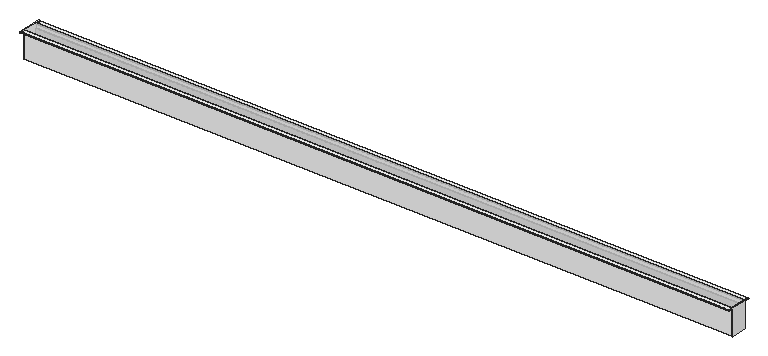
Revit family "2093129 Sylvania Lighting Fixture MC2 TRIM 2-4M 4K DALI WHT OPAL", category Lighting Fixtures, host Face, Revit 2016
Family settings
  Host = Face
  Part Type = Normal
  Round Connector Dimension = Use Diameter
  OmniClass Number = 23.80.70.11.17
  OmniClass Title = Specialized Lighting by Location or Use
  Cut with Voids When Loaded = No
  Light Source = Yes
  Shared = No
  Room Calculation Point = No
Parameters (values of type "2093129 MC2 TRIM 2.4M 4K DALI WHT OPAL")
  Width_SYL = 54.0 mm
  Weight = "5.6 kg"
  Wattage = 42 W
  WarrantyStartDate [instance] = "n/a"
  WarrantyGuarantorParts = "n/a"
  WarrantyDurationUnit = "n/a"
  WarrantyDurationParts = "n/a"
  WarrantyDescription = "n/a"
  built-in parameter 1150110 = 1 (stored number, unit not read)
  Voltage = 0 V
  URL = "http://www.sylvania-lighting.com"
  TypeName = "MC2 TRIM 2.4M 4K DALI WHT OPAL"
  built-in parameter 1114217 = 1 (stored number, unit not read)
  Tilt Angle = -90.00°
  built-in parameter 1150109 = 1 (stored number, unit not read)
  built-in parameter 1150134 = 12
  built-in parameter 1150113 = 1 (stored number, unit not read)
  SerialNumber [instance] = "n/a"
  PowerFactor = 0.98
  PowerConsumption = "42 W"
  NominalWidth = 0.0 mm
  NominalLength = 2400.0 mm
  NominalHeight = 86.0 mm
  Name = "MC2 TRIM 2.4M 4K DALI WHT OPAL"
  ModelReference = "MC2 TRIM 2.4M 4K DALI WHT OPAL"
  ModelNumber = "2093129"
  Material_3_SYL = Metal_Sylvania_Mini Contiuum II_Silver
  Photometric Web File = "2093129.ies"
  Material = "aluminium housing, polycarbonate diffuser"
  ManufacturerName = "Feilo Sylvania"
  LuminousEfficacy = "111 lm/W"
  LuminaireType = ""
  LightOutputRatio = "100"
  Length_SYL = 2400.0 mm
  LampsType = Lamp  # "LED"
  LampNominalLuminous = "4680 lm"
  LampMacAdamStep = "3"
  LampColourTemperature = "4000 K"
  LampColourRenderingIndex = "80"
  Keynote = "16500"
  InstallationDate [instance] = "n/a"
  InputVoltage = "n/a"
  InputNominalFrequency = "n/a"
  IngressProtection = "IP20"
  ImpactProtectionIndex = "n/a"
  IfcExportType = "IfcLightFixtureType"
  IfcExportAs = "IfcLightFixtureType"
  Height_SYL = 86.0 mm
  ExpectedLife = 50000
  EndCapRight_SYL [instance] = yes
  EndCapLeft_SYL [instance] = yes
  Emit from Rectangle Width = Width_SYL - 2.0 mm  # 52.0 mm
  Emit from Rectangle Length = Length_SYL  # 2400.0 mm
  Emit Shape Visible in Rendering = no
  ElectricShockClassification = "Class I"
  DurationUnit = "hours"
  DocumentationLiterature = "http://www.sylvania-lighting.com/product/en-int/products/2093129"
  DimmingControlOptions = "n/a"
  CreatedOn = "10/15/2018"
  CreatedBy = "@sylvania-lighting.com"
  built-in parameter 1114216 [instance] = 1 (stored number, unit not read)
  Model = "MC2 TRIM 2.4M 4K DALI WHT OPAL"
  Manufacturer = "Feilo Sylvania"  # constant formula
  built-in parameter 1150105 = 370.99 (stored number, unit not read)
  Lumens = 4662 lm
  built-in parameter 1150115 = 1 (stored number, unit not read)
  built-in parameter 1150137 = (empty or 0)
  built-in parameter 1150139 = (empty or 0)
  built-in parameter 1150112 = 1 (stored number, unit not read)
  built-in parameter 1150114 = 1 (stored number, unit not read)
  Lamp = "LED"
  built-in parameter 1150132 = 2
  built-in parameter 1150102 = (empty or 0)
  built-in parameter 1150107 = 4000 (stored number, unit not read)
  built-in parameter 1150138 = (empty or 0)
  built-in parameter 1150106 = 3.7099 (stored number, unit not read)
  Material_1_SYL = Metal_Sylvania_Mini Continuum II_White
  built-in parameter 1150104 = 10.312 (stored number, unit not read)
  Dimming Lamp Color Temperature Shift = <None>
  Material_2_SYL = Polycarbonate_Sylvania_Mini Continuum II_Opal_4000K
  Description = "Mini Continuum II introduces a uniquely clean, simple LED lighting system offering continuous, highly uniform lines of light across walls and ceilings. This highly versatile lighting tool can be recessed, semi-recessed, surface-mounted or suspended, either vertically or horizontally. Available as direct/indirect or direct only distribution - both of which can be interconnected. Every batten has a plug and socket arrangement for easy and rapid electrical installation. Mini Continuum II Direct is available in two versions: one with an outside trim detail for plasterboard ceilings; and a trimless version for when a seamless effect is required. Dimmable DALI versions and 3hr non-maintained integral emergency options are available as standard options"  # constant formula
  Default Elevation = 0.0 mm
  Color Filter = 16777215
  built-in parameter 1140040 [instance] = 1
  BarCode [instance] = "n/a"
  built-in parameter 1114218 = 1 (stored number, unit not read)
  built-in parameter 1150133 = 10 (stored number, unit not read)
  AssetType = "Fixed"
  AssetIdentifier [instance] = "n/a"
  Assembly Code = "D5020200"
  Apparent Load = 42 VA
Reference planes
  plane 1 "Center (Front/Back)": y = 0
  plane 2 "Bottom Fixtures": z = 0
  plane 3 "Center (Left/Right)": x = 0
  plane 4 "Fixture Left": x = -1200
  plane 5 "Fixture Right": x = 1200
  plane 6 "Fixture Bottom": z = 2
  plane 7: z = 0
  plane 8: z = -2
  plane 9: z = -11.049
  plane 10: z = -41.049
  plane 11 "Fixture Top": z = -84
  plane 12: y = 27
  plane 13: y = -27
  plane 14: y = -26
  plane 15: y = -25
  plane 16: y = 26
  plane 17: y = 25
  plane 18: y = 11
  plane 19: y = -11
  plane 20: y = 24
  plane 21: y = 22
  plane 22: y = -22
  plane 23: y = 15
  plane 24: y = -15
  plane 25: y = 40
  plane 26: y = -40
  plane 27: x = -1202
  plane 28: x = 1202
Forms (mm)
  Extrusion 1, solid, material "Metal_Sylvania_Mini Continuum II_White" <- "Material_1_SYL", detail levels fine
    sketch origin (0, 0, -84) x (0, 1, 0) y (0, 0, 1)
      loop
        line (27, 84) -> (40, 84) -> (40, 86) -> (26, 86) -> (26, 84) -> (25, 84) -> (25, 2) -> (13, 2) -> (13, 4) -> (-13, 4) -> (-13, 2) -> (-25, 2) -> (-25, 84) -> (-26, 84) -> (-26, 86) -> (-40, 86) -> (-40, 84) -> (-27, 84) -> (-27, 0) -> (-11, 0) -> (-11, 2) -> (11, 2) -> (11, 0) -> (27, 0) -> (27, 84)
    from -1200 to 1200
  Extrusion 2, solid, material "Polycarbonate_Sylvania_Mini Continuum II_Opal_4000K" <- "Material_2_SYL", detail levels fine
    sketch origin (0, 0, -84) x (0, 1, 0) y (0, 0, 1)
      loop
        line (-26, 86) -> (-26, 84) -> (26, 84) -> (26, 86) -> (-26, 86)
    from -1200 to 1200
  Extrusion 3, solid, material "Metal_Sylvania_Mini Contiuum II_Silver" <- "Material_3_SYL", detail levels fine
    sketch origin (0, 0, -84) x (0, 1, 0) y (0, 0, 1)
      loop
        line (22, 72.951) -> (20.973, 72.951) -> (14.206, 43.951) -> (-14.206, 43.951) -> (-20.973, 72.951) -> (-22, 72.951) -> (-15, 42.951) -> (15, 42.951) -> (22, 72.951)
    from -1200 to 1200
  Extrusion 4, solid, material "Metal_Sylvania_Mini Continuum II_White" <- "Material_1_SYL", detail levels coarse+medium
    sketch origin (0, 0, -84) x (0, 1, 0) y (0, 0, 1)
      loop
        line (-27, 86) -> (-27, 0) -> (27, 0) -> (27, 86) -> (-27, 86)
    from -1200 to 1200
  Extrusion 5, solid, material "Metal_Sylvania_Mini Continuum II_White" <- "Material_1_SYL", detail levels coarse+medium
    sketch origin (0, 0, -84) x (0, 1, 0) y (0, 0, 1)
      loop
        line (40, 86) -> (27, 86) -> (27, 84) -> (40, 84) -> (40, 86)
      loop
        line (-27, 86) -> (-40, 86) -> (-40, 84) -> (-27, 84) -> (-27, 86)
    from -1200 to 1200
  Extrusion 6, void
    sketch origin (0, 0, 0) x (0, 1, 0) y (0, 0, 1)
      loop
        line (27, 0) -> (-27, 0) -> (-27, -84) -> (27, -84) -> (27, 0)
    from -1200 to 1200
  Extrusion 7, solid, material "Metal_Sylvania_Mini Continuum II_White" <- "Material_1_SYL", visible <- "EndCapLeft_SYL"
    sketch origin (-1200, 171.684, 1219.2) x (0, 1, 0) y (0, 0, 1)
      loop
        line (-198.684, -1219.2) -> (-198.684, -1303.2) -> (-144.684, -1303.2) -> (-144.684, -1219.2) -> (-131.684, -1219.2) -> (-131.684, -1217.2) -> (-211.684, -1217.2) -> (-211.684, -1219.2) -> (-198.684, -1219.2)
    from 0 to -2
  Extrusion 8, solid, material "Metal_Sylvania_Mini Continuum II_White" <- "Material_1_SYL", visible <- "EndCapRight_SYL"
    sketch origin (1200, 171.684, 1219.2) x (0, 1, 0) y (0, 0, -1)
      loop
        line (-131.684, 1217.2) -> (-131.684, 1219.2) -> (-144.684, 1219.2) -> (-144.684, 1303.2) -> (-198.684, 1303.2) -> (-198.684, 1219.2) -> (-211.684, 1219.2) -> (-211.684, 1217.2) -> (-131.684, 1217.2)
    from 0 to -2
Lines and regions (mm)
  Masking region 1
    outline origin (0, 0, -86) x (-1, 0, 0) y (0, -1, 0)
      loop
        line (1200, -40) -> (1200, 40) -> (-1200, 40) -> (-1200, -40) -> (1200, -40)
  symbolic lines, detail levels fine
    curve 1: line (-1200, 27, -86) -> (1200, 27, -86)
    curve 2: line (-1200, -27, -86) -> (1200, -27, -86)
Dimensions and locks
  host sketch curve to plane 3 "Center (Left/Right)" to host sketch curve = 1260.0 mm, 1259.41 mm
  equal spacing: plane 4 "Fixture Left", plane 3 "Center (Left/Right)", plane 5 "Fixture Right"
  "Length_SYL": plane 4 "Fixture Left" to plane 5 "Fixture Right"
  plane 6 "Fixture Bottom" to plane 7 to plane 8 to plane 9 to plane 10 = 2.0 mm locked, 2.0 mm locked, 9.049 mm locked, 30.0 mm locked
  locked: Extrusion 1 sketch curve to Extrusion 1 sketch curve at 2
  "Height_SYL": plane 6 "Fixture Bottom" to plane 11 "Fixture Top"
  equal spacing: plane 12, plane 1 "Center (Front/Back)", plane 13
  plane 19 to plane 24 to plane 22 to plane 15 to plane 14 to plane 13 to plane 26 = 4.0 mm locked, 7.0 mm locked, 3.0 mm locked, 1.0 mm locked, 1.0 mm locked, 13.0 mm locked
  plane 25 to plane 12 to plane 16 to plane 17 to plane 20 to plane 21 to plane 23 to plane 18 = 13.0 mm locked, 1.0 mm locked, 1.0 mm locked, 1.0 mm locked, 2.0 mm locked, 7.0 mm locked, 4.0 mm locked
  "Width_SYL": plane 12 to plane 13
  equal spacing: plane 27, plane 3 "Center (Left/Right)", plane 28
  locked: plane 27 to plane 4 "Fixture Left" at 2
  aligned and locked: plane 2 "Bottom Fixtures" to host face
  aligned and locked: level to host face
  aligned and locked: Extrusion 1 sketch curve to plane 7  (x2)
  aligned and locked: plane 6 "Fixture Bottom" to Extrusion 1 sketch curve  (x2)
  aligned and locked: plane 7 to Extrusion 1 sketch curve
  aligned and locked: Extrusion 1 to Extrusion 2 sketch curve
  aligned and locked: Extrusion 2 sketch curve to Extrusion 1  (x3)
  aligned and locked: Extrusion 3 sketch curve to plane 10
  aligned and locked: plane 9 to Extrusion 3 sketch curve
  aligned and locked: Extrusion 3 sketch curve to plane 9
  aligned and locked: Extrusion 4 sketch curve to plane 6 "Fixture Bottom"
  aligned and locked: Extrusion 5 sketch curve to Extrusion 1  (x6)
  aligned and locked: Extrusion 4 to Extrusion 5 sketch curve
  aligned and locked: Extrusion 5 sketch curve to Extrusion 4
  aligned and locked: Extrusion 1 to Extrusion 6 sketch curve
  aligned and locked: Extrusion 6 sketch curve to Extrusion 1
  aligned and locked: Extrusion 6 sketch curve to plane 11 "Fixture Top"
  aligned and locked: Extrusion 6 sketch curve to plane 13
  aligned and locked: Extrusion 6 to plane 5 "Fixture Right"
  aligned and locked: plane 6 "Fixture Bottom" to imposter light
  aligned and locked: Masking region 1 sketch curve to Extrusion 1  (x4)
  aligned and locked: plane 5 "Fixture Right" to curve 1
  aligned and locked: plane 4 "Fixture Left" to curve 1
  aligned and locked: plane 12 to curve 1
  aligned and locked: plane 4 "Fixture Left" to curve 2
  aligned and locked: plane 5 "Fixture Right" to curve 2
  aligned and locked: curve 2 to plane 13
  aligned and locked: Extrusion 4 to plane 5 "Fixture Right"
  aligned and locked: Extrusion 1 to plane 5 "Fixture Right"
  aligned and locked: Extrusion 3 to plane 5 "Fixture Right"
  aligned and locked: Extrusion 4 to plane 4 "Fixture Left"
  aligned and locked: Extrusion 1 to plane 4 "Fixture Left"
  aligned and locked: Extrusion 3 to plane 4 "Fixture Left"
  aligned and locked: Extrusion 2 to plane 5 "Fixture Right"
  aligned and locked: Extrusion 5 to plane 5 "Fixture Right"
  aligned and locked: Extrusion 5 to plane 4 "Fixture Left"
  aligned and locked: Extrusion 2 to plane 4 "Fixture Left"
  aligned and locked: Extrusion 6 to plane 4 "Fixture Left"
  aligned and locked: Extrusion 4 to Extrusion 7 sketch curve
  aligned and locked: Extrusion 7 sketch curve to Extrusion 4  (x2)
  aligned and locked: Extrusion 7 sketch curve to Extrusion 5  (x4)
  aligned and locked: plane 6 "Fixture Bottom" to Extrusion 7 sketch curve
  aligned and locked: Extrusion 7 to plane 27
  aligned and locked: plane 4 "Fixture Left" to Extrusion 7
  aligned and locked: Extrusion 8 sketch curve to Extrusion 7  (x8)
  aligned and locked: plane 28 to Extrusion 8
  aligned and locked: plane 5 "Fixture Right" to Extrusion 8
Automatic sketch dimensions
  host sketch curve to host sketch curve = 1047.463 mm
  Extrusion 1 sketch curve to plane 26 = 0.0 mm
  Extrusion 1 sketch curve to plane 13 = 0.0 mm
  Extrusion 1 sketch curve to plane 14 = 0.0 mm
  Extrusion 1 sketch curve to plane 15 = 0.0 mm
  Extrusion 1 sketch curve to plane 19 = 0.0 mm
  Extrusion 1 sketch curve to plane 18 = 0.0 mm
  Extrusion 1 sketch curve to plane 17 = 0.0 mm
  Extrusion 1 sketch curve to plane 16 = 0.0 mm
  Extrusion 1 sketch curve to level = 0.0 mm
  Extrusion 1 sketch curve to plane 12 = 0.0 mm
  Extrusion 1 sketch curve to plane 25 = 0.0 mm
  Extrusion 1 sketch curve to plane 11 "Fixture Top" = 0.0 mm  (x2)
  Extrusion 1 sketch curve to plane 19 = 2.0 mm
  Extrusion 1 sketch curve to plane 18 = 2.0 mm
  plane 11 "Fixture Top" to Extrusion 1 sketch curve = 2.0 mm  (x3)
  Extrusion 3 sketch curve to plane 22 = 0.0 mm
  Extrusion 3 sketch curve to plane 24 = 0.0 mm
  Extrusion 3 sketch curve to plane 23 = 0.0 mm
  Extrusion 3 sketch curve to plane 21 = 0.0 mm
  plane 10 to Extrusion 3 sketch curve = 1.0 mm
  Extrusion 3 sketch curve to Extrusion 3 sketch curve = 1.027 mm  (x2)
  plane 24 to Extrusion 3 sketch curve = 0.794 mm
  plane 23 to Extrusion 3 sketch curve = 0.794 mm
  Extrusion 4 sketch curve to plane 11 "Fixture Top" = 0.0 mm
  Extrusion 4 sketch curve to plane 13 = 0.0 mm
  Extrusion 4 sketch curve to plane 12 = 0.0 mm
Connectors
  electrical at (-1200, 0, 0), driven by "Apparent Load"
    settings: index 1, voltage 230 V, apparent load 0 VA, apparent load phase1 42 VA, apparent load phase2 0 VA, apparent load phase3 0 VA, power factor 1, load classification "Lighting", number of poles 1, system type 31, power factor state 1, is connector primary yes, connector utility no, sub classification motor no, connector description ""
